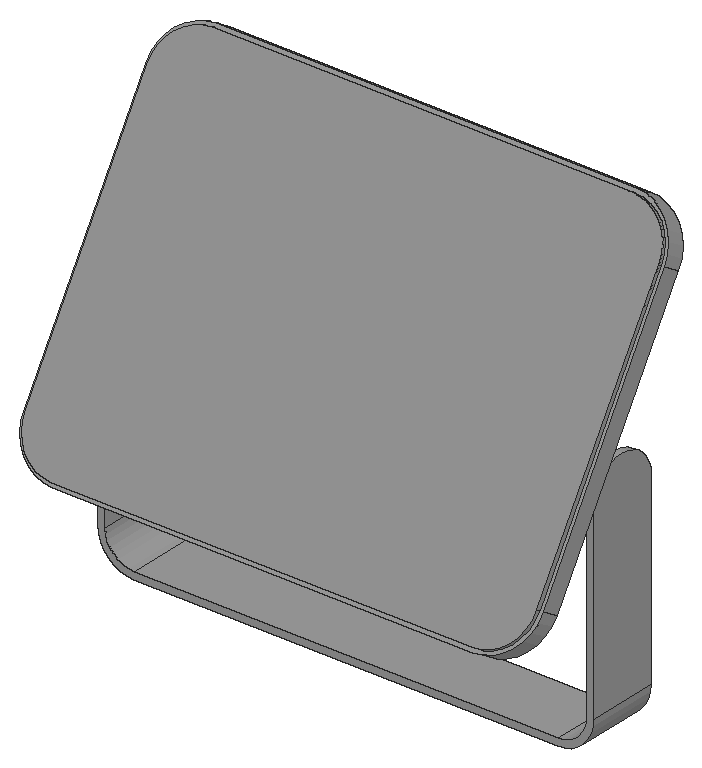
Revit family "0047961 Sylvania Lighting Fixture START eco Flood Flat IP65 900lm 840", category Lighting Fixtures, host Face, Revit 2016
Family settings
  Host = Face
  Part Type = Normal
  Round Connector Dimension = Use Diameter
  OmniClass Number = 23.80.70.00
  OmniClass Title = Lighting
  Cut with Voids When Loaded = No
  Light Source = No
  Shared = No
  Room Calculation Point = No
Parameters (values of type "0047961 ST E FLD FLT IP65 900LM 840")
  WidthBracketIn_SYL = if([10W_SYL], 102.2 mm, if([30W_SYL], 143.3 mm, if([50W_SYL], 181 mm, 262.8 mm)))  # 102.2 mm
  Weight = "3.96 kg"
  Wattage Comments = ""
  WarrantyStartDate [instance] = "n/a"
  WarrantyGuarantorParts = "n/a"
  WarrantyDurationUnit = "n/a"
  WarrantyDurationParts = "n/a"
  WarrantyDescription = "n/a"
  Voltage = 0 V
  URL = "http://www.sylvania-lighting.com"
  TypeName = "START eco Flood Flat IP65 900lm 840"
  TypeLight_SYL = START eco Flood Flat Lamp : 0047961 ST E FLD FLT IP65 900LM 840
  Type Image = <None>
  Type Comments = "n/a"
  ThicknessBracket_SYL = if([10W_SYL], 1.5 mm, 2 mm)  # 1.5 mm
  SerialNumber [instance] = "n/a"
  RotationAngle_SYL [instance] = 32.00°
  RadiusBracket_SYL = if([10W_SYL], 7.7 mm, if([30W_SYL], 8 mm, if([50W_SYL], 17 mm, 14 mm)))  # 7.7 mm
  RadiusBracketIn_SYL = RadiusBracket_SYL - ThicknessBracket_SYL  # 6.2 mm
  OffsetAxis_SYL = DepthBracket_SYL / 2  # 7.5 mm
  PowerFactor = 0.85
  PowerConsumption = "10 W"
  NominalLength = 114 mm
  NominalHeight = 38 mm
  NominalDepth = 96 mm
  Name = "START eco Flood Flat IP65 900lm 840"
  ModelReference = Name  # "START eco Flood Flat IP65 900lm 840"
  ModelNumber = "0047961"
  Model = Name  # "START eco Flood Flat IP65 900lm 840"
  Material = "adc12 housing"
  ManufacturerName = "Feilo Sylvania"
  Manufacturer = "Feilo Sylvania"
  LuminousEfficacy = "95 lm/W"
  LuminaireType = ""
  LightOutputRatio = "n/a"
  LampsType = Lamp  # "LED"
  LampNominalLuminous = "950 lm"
  LampMacAdamStep = "n/a"
  LampColourTemperature = "4000 K"
  LampColourRenderingIndex = "80"
  Lamp = "LED"
  Keynote = "16500"
  InstallationDate [instance] = "n/a"
  InputVoltage = "n/a"
  InputNominalFrequency = "n/a"
  IngressProtection = "IP65"
  ImpactProtectionIndex = "IK06"
  IfcExportType = "IfcLightFixtureType"
  IfcExportAs = "IfcLightFixtureType"
  HeightBracket_SYL = if([10W_SYL], 55 mm, if([30W_SYL], 70 mm, if([50W_SYL], 110 mm, 141 mm)))  # 55 mm
  ExpectedLife = 30000
  EndAngle_SYL [instance] = RotationAngle_SYL + 180.00°  # 212.00°
  ElectricShockClassification = "Class I"
  DurationUnit = "hours"
  DocumentationLiterature = "http://www.sylvania-lighting.com/product/en-int/products/0047961"
  DimmingControlOptions = "n/a"
  Description = "The new Start eco Flood Flat comes with improved design. The streamlined, durable, lightweight die-cast aluminium body makes it a perfect choice for building facades, car parks, garages and construction areas. The product includes 1 m pre-wired stripped cable and fitting bracket for quick and easy installation and the universal mounting bracket allows wall or surface mounting with the possibility of vertical tilting. Black die-cast aluminum housing, white reflector, 950 lm, 10 W, 95 lm/W, 4000K, drive current 38.6 mA, non dimmable, CRI>80, IP65, IK06, Class I, lumen maintenance L70:B50: 30000 hrs, 114 x 96 x 38 mm (L x W x H). Weight: 0.33kg. Energy class: A++ A+ A."
  DepthBracket_SYL = if([10W_SYL], 15 mm, if([30W_SYL], 15 mm, if([50W_SYL], 17 mm, 25 mm)))  # 15 mm
  Default Elevation = 1219.2 mm
  CreatedOn = "10/8/2018"
  CreatedBy = "@sylvania-lighting.com"
  Cost = 0
  built-in parameter 1114216 [instance] = (empty or 0)
  ClassificationValue = "EF_70_80"
  ClassificationName = "Uniclass2015"
  Material_1_SYL = Body-Sylvania-FloodFlat-Black
  BarCode [instance] = "n/a"
  AssetType = "Fixed"
  AssetIdentifier [instance] = "n/a"
  Assembly Code = "D5020200"
  Apparent Load = 10 VA
  50W_SYL = no
  30W_SYL = no
  10W_SYL = yes
Reference planes
  plane 1 "Center (Front/Back)": y = 0
  plane 2: z = 0
  plane 3 "Center (Left/Right)": x = 0
  plane 4: x = -52.6
  plane 5: x = 52.6
  plane 6: z = 55
  plane 7: z = 47.5
  plane 8: x = -51.1
  plane 9: x = 51.1
  plane 10: z = 1.5
  plane 11: y = 7.5
  plane 12: y = -7.5
  plane 13: x = -44.9
  plane 14: z = 7.7
  plane 15: x = 44.9
  plane 16: y = -9.5
  plane 17: z = 57
  plane 18: y = 9.5
Forms (mm)
  Extrusion 1, solid, material "Body-Sylvania-FloodFlat-Black" <- "Material_1_SYL"
    sketch origin (0, 0, 0) x (1, 0, 0) y (0, 0, 1)
      loop
        line (-51.1, 55) -> (-52.6, 55) -> (-52.6, 7.7)
        arc (-52.6, 7.7) -> (-50.345, 2.255) -> (-44.9, 0) r 7.7
        line (-44.9, 0) -> (44.9, 0)
        arc (44.9, 0) -> (50.345, 2.255) -> (52.6, 7.7) r 7.7
        line (52.6, 7.7) -> (52.6, 55) -> (51.1, 55) -> (51.1, 7.7)
        arc (51.1, 7.7) -> (49.284, 3.316) -> (44.9, 1.5) r 6.2
        line (44.9, 1.5) -> (-44.9, 1.5)
        arc (-44.9, 1.5) -> (-49.284, 3.316) -> (-51.1, 7.7) r 6.2
        line (-51.1, 7.7) -> (-51.1, 55)
    from -7.5 to 7.5
  Extrusion 2, void
    sketch origin (0, 0, 0) x (0, 1, 0) y (0, 0, 1)
      loop
        line (7.5, 47.5) -> (9.5, 47.5) -> (9.5, 57) -> (-9.5, 57) -> (-9.5, 47.5) -> (-7.5, 47.5)
        arc (-7.5, 47.5) -> (0, 55) -> (7.5, 47.5) r 7.5
    from -52.6 to 52.6
  Revolve 3, solid, not visible
    sketch origin (0, 0, 0) x (1, 0, 0) y (0, 0, 1)
      loop
        line (0, 47.5) -> (0, 55) -> (-12.336, 55) -> (-12.336, 47.5) -> (0, 47.5)
      axis (0, 47.5) -> (-12.336, 47.5)
    angle from 32 <- "RotationAngle_SYL" to 212 <- "EndAngle_SYL"
Cuts and joins
  Extrusion 2 cuts Extrusion 1
Dimensions and locks
  equal spacing: plane 9, plane 3 "Center (Left/Right)", plane 8
  "WidthBracketIn_SYL": plane 9 to plane 8
  "ThicknessBracket_SYL": plane 8 to plane 4
  "ThicknessBracket_SYL": plane 5 to plane 9
  "ThicknessBracket_SYL": plane 10 to plane 2
  equal spacing: plane 12, plane 1 "Center (Front/Back)", plane 11
  "DepthBracket_SYL": plane 12 to plane 11
  "OffsetAxis_SYL": plane 7 to plane 6
  "HeightBracket_SYL": plane 6 to plane 2
  "RadiusBracket_SYL": plane 14 to plane 2
  equal spacing: plane 15, plane 3 "Center (Left/Right)", plane 13
  "RadiusBracket_SYL": plane 13 to plane 4
  equal spacing: plane 16, plane 1 "Center (Front/Back)", plane 18
  locked: plane 16 to plane 12 at 2
  locked: plane 6 to plane 17 at 2
  "RadiusBracket_SYL": radius of Extrusion 1 sketch curve  (x2)
  "RadiusBracketIn_SYL": radius of Extrusion 1 sketch curve  (x2)
  aligned and locked: plane 2 to host face
  aligned and locked: level to host face
  aligned and locked: Extrusion 1 sketch curve to plane 6  (x2)
  aligned and locked: Extrusion 1 sketch curve to plane 4
  aligned and locked: plane 5 to Extrusion 1 sketch curve
  aligned and locked: Extrusion 1 sketch curve to plane 9
  aligned and locked: Extrusion 1 sketch curve to plane 2
  aligned and locked: plane 13 to Extrusion 1 sketch curve
  aligned and locked: plane 14 to Extrusion 1 sketch curve  (x2)
  aligned and locked: plane 15 to Extrusion 1 sketch curve
  aligned and locked: Extrusion 1 to plane 11
  aligned and locked: plane 12 to Extrusion 1
  aligned and locked: plane 11 to Extrusion 2 sketch curve
  aligned and locked: plane 1 "Center (Front/Back)" to Extrusion 2 sketch curve
  aligned and locked: plane 7 to Extrusion 2 sketch curve
  aligned and locked: plane 17 to Extrusion 2 sketch curve
  aligned and locked: plane 18 to Extrusion 2 sketch curve
  aligned and locked: Extrusion 2 sketch curve to plane 16
  aligned and locked: Extrusion 2 sketch curve to plane 7  (x2)
  aligned and locked: plane 5 to Extrusion 2
  aligned and locked: Extrusion 2 to plane 4
  aligned and locked: Revolve 3 sketch curve to plane 7  (x2)
  aligned and locked: Revolve 3 sketch curve to plane 3 "Center (Left/Right)"
  aligned and locked: plane 6 to Revolve 3 sketch curve
  aligned and locked: plane 3 "Center (Left/Right)" to nested 1
Automatic sketch dimensions
  host sketch curve to host sketch curve = 2438.4 mm  (x2)
  Revolve 3 sketch curve to plane 3 "Center (Left/Right)" = 12.336 mm
  Revolve 3 sketch curve to plane 4 = 1122.5 mm
  plane 5 to Revolve 3 sketch curve = 1130.9 mm
Nested families
  nested 1: "START eco Flood Flat Lamp" at (0, 4.239, 54.284) x (1, 0, 0) z (0, -0.848, 0.5299), type <- "TypeLight_SYL", type "0047961 ST E FLD FLT IP65 900LM 840"
    with built-in parameter 1114216 (empty or 0)
Connectors
  electrical at (0, 0, 0), driven by "Apparent Load", driven by "PowerFactor", driven by "Voltage"
    settings: index 1, voltage 0 V, apparent load 10 VA, apparent load phase1 0 VA, apparent load phase2 0 VA, apparent load phase3 0 VA, power factor 0.85, load classification "Lighting", number of poles 1, system type 30, power factor state 1, is connector primary yes, connector utility no, sub classification motor no, connector description ""
Definition of nested family "START eco Flood Flat Lamp"
  Parameters (values of type "0047977 ST E FLD FLT IP65 9000LM 840")
    Width_SYL = if([10W_SYL], 110 mm, if([30W_SYL], 151 mm, if([50W_SYL], 189 mm, 275 mm)))  # 275 mm
    WidthLEDBoard_SYL = if([10W_SYL], 40 mm, if([30W_SYL], 83 mm, if([50W_SYL], 80 mm, 180 mm)))  # 180 mm
    WidthVignette_SYL = if([10W_SYL], 78.6 mm, if([30W_SYL], 120 mm, if([50W_SYL], 157 mm, 226 mm)))  # 226 mm
    WidthBoltHousing_SYL = 4 * OffsetBoltHousing_SYL  # 24.5 mm
    Wattage Comments = "n/a"
    Wattage = 100 W
    built-in parameter 1150110 = 1 (stored number, unit not read)
    URL = "http://www.sylvania-lighting.com"
    Type Image = (empty or 0)
    Type Comments = "n/a"
    built-in parameter 1114217 = 1 (stored number, unit not read)
    Tilt Angle = -90.00°
    ThicknessScreen_SYL = if([10W_SYL], 5 mm, if([30W_SYL], 5.2 mm, if([50W_SYL], 5.4 mm, 6.1 mm)))  # 6.1 mm
    ThicknessDiffuser_SYL = 0.8 mm  # constant formula
    built-in parameter 1150109 = 1 (stored number, unit not read)
    built-in parameter 1150134 = 12
    built-in parameter 1150113 = 1 (stored number, unit not read)
    RotationAxisFromTop_SYL = if([10W_SYL], 48.8 mm, if([30W_SYL], 61.7 mm, if([50W_SYL], 91.3 mm, 133.4 mm)))  # 133.4 mm
    RadiusLEDBoard_SYL = if([10W_SYL], 1.5 mm, if([30W_SYL], 2 mm, if([50W_SYL], 1.9 mm, 3.7 mm)))  # 3.7 mm
    RadiusDiffuser_SYL = RadiusCorners_SYL - ThicknessDiffuser_SYL  # 13.4 mm
    RadiusCorners_SYL = if([10W_SYL], 10.5 mm, if([30W_SYL], 10.7 mm, if([50W_SYL], 10.7 mm, 14.2 mm)))  # 14.2 mm
    RadiusBoltHousing_SYL = if([10W_SYL], 4.1 mm, if([30W_SYL], 4.9 mm, if([50W_SYL], 5 mm, 8.1 mm)))  # 8.1 mm
    RadiusBack_SYL = RadiusCorners_SYL - OffsetXBack_SYL / 3  # 10.117 mm
    RadiusBackB_SYL = RadiusBack_SYL - OffsetXBackB_SYL  # 7.054 mm
    Photometric Web File = "0047977.ies"
    PIR_SYL = no
    PIRHolderRadius_SYL = PIRBaseFillet_SYL + 2 mm  # 11 mm
    PIRFillet_SYL = 3 mm  # constant formula
    PIRBaseWidth_SYL = 38 mm
    PIRBaseFillet_SYL = PIRBaseDepth_SYL / 2  # 9 mm
    PIRBaseDepth_SYL = 18 mm
    OffsetYBack_SYL = (Height_SYL - HeightVignette_SYL) / 4  # 11 mm
    OffsetYBackB_SYL = OffsetYBack_SYL / 4  # 2.75 mm
    OffsetXBack_SYL = (Width_SYL - WidthVignette_SYL) / 4  # 12.25 mm
    OffsetXBackB_SYL = OffsetXBack_SYL / 4  # 3.063 mm
    OffsetBoltHousing_SYL = OffsetXBack_SYL / 2  # 6.125 mm
    Material_7_SYL = none
    Material_6_SYL = none
    Material_5_SYL = none
    Material_3_SYL = none
    Model = "START eco Flood Flat IP65 9000lm 840"
    Manufacturer = "Feilo Sylvania"
    built-in parameter 1150105 = 3437 (stored number, unit not read)
    Lumens = 9500 lm
    built-in parameter 1150115 = 1 (stored number, unit not read)
    built-in parameter 1150137 = (empty or 0)
    built-in parameter 1150139 = (empty or 0)
    built-in parameter 1150112 = 1 (stored number, unit not read)
    built-in parameter 1150114 = 1 (stored number, unit not read)
    Lamp = "LED"
    Keynote = "16500"
    Material_2_SYL = none
    InsertionPlaneFromTop_SYL = if([10W_SYL], 15.1 mm, if([30W_SYL], 14.5 mm, if([50W_SYL], 14.8 mm, 19.3 mm)))  # 19.3 mm
    built-in parameter 1150132 = (empty or 0)
    built-in parameter 1150102 = (empty or 0)
    built-in parameter 1150107 = 4000 (stored number, unit not read)
    built-in parameter 1150138 = (empty or 0)
    built-in parameter 1150106 = 34.37 (stored number, unit not read)
    Height_SYL = if([10W_SYL], 81.6 mm, if([30W_SYL], 112 mm, if([50W_SYL], 140.5 mm, 211 mm)))  # 211 mm
    HeightVignette_SYL = if([10W_SYL], 50 mm, if([30W_SYL], 81 mm, if([50W_SYL], 110 mm, 167 mm)))  # 167 mm
    HeightLEDBoard_SYL = if([10W_SYL], 25 mm, if([30W_SYL], 39 mm, if([50W_SYL], 56 mm, 132 mm)))  # 132 mm
    Emit from Rectangle Width = HeightVignette_SYL - 2 * RadiusVignette_SYL  # 146.2 mm
    Emit from Rectangle Length = WidthVignette_SYL - 2 * RadiusVignette_SYL  # 205.2 mm
    Emit Shape Visible in Rendering = no
    built-in parameter 1150104 = 8.8258 (stored number, unit not read)
    Dimming Lamp Color Temperature Shift = (empty or 0)
    DepthLEDBoard_SYL = (ThicknessScreen_SYL + DepthBack_SYL) / 9  # 2.289 mm
    DepthBack_SYL = if([10W_SYL], 10.2 mm, if([30W_SYL], 14.7 mm, if([50W_SYL], 16.9 mm, 14.5 mm)))  # 14.5 mm
    RadiusVignette_SYL = if([10W_SYL], 4.1 mm, if([30W_SYL], 4.1 mm, if([50W_SYL], 4.1 mm, 10.4 mm)))  # 10.4 mm
    Description = "The new Start eco Flood Flat comes with improved design. The streamlined, durable, lightweight die-cast aluminium body makes it a perfect choice for building facades, car parks, garages and construction areas. The product includes 1 m pre-wired stripped cable and fitting bracket for quick and easy installation and the universal mounting bracket allows wall or surface mounting with the possibility of vertical tilting. Black die-cast aluminum housing, white reflector, 9500 lm, 100 W, 95 lm/W, 4000K, drive current 386 mA, non dimmable, CRI>80, IP65, IK07, Class I, lumen maintenance L70:B50: 30000 hrs, 283 x 263 x 44 mm (L x W x H). Weight: 1.775kg. Energy class: A++ A+ A."
    DepthReflector_SYL = (ThicknessScreen_SYL + DepthBack_SYL) / 2  # 10.3 mm
    Default Elevation = 1219.2 mm
    Cost = 0
    Color Filter = 16777215
    built-in parameter 1114216 [instance] = (empty or 0)
    Material_1_SYL = none
    built-in parameter 1114218 = 1 (stored number, unit not read)
    built-in parameter 1150133 = 10 (stored number, unit not read)
    Assembly Code = "D5020200"
    Apparent Load = 100 VA
    Material_4_SYL = none
    50W_SYL = no
    30W_SYL = no
    10W_SYL = no
  Types (16, lengths in mm): name | Width_SYL | WidthLEDBoard_SYL | WidthVignette_SYL | WidthBoltHousing_SYL | Wattage | ThicknessScreen_SYL | built-in parameter 1150134 | RotationAxisFromTop_SYL | RadiusLEDBoard_SYL | RadiusDiffuser_SYL | RadiusCorners_SYL | RadiusBoltHousing_SYL | RadiusBack_SYL | RadiusBackB_SYL | Photometric Web File | PIR_SYL | OffsetYBack_SYL | OffsetYBackB_SYL | OffsetXBack_SYL | OffsetXBackB_SYL | OffsetBoltHousing_SYL | Model | built-in parameter 1150105 | Lumens | InsertionPlaneFromTop_SYL | built-in parameter 1150107 | built-in parameter 1150106 | Height_SYL | HeightVignette_SYL | HeightLEDBoard_SYL | Emit from Rectangle Width | Emit from Rectangle Length | built-in parameter 1150104 | DepthLEDBoard_SYL | DepthBack_SYL | RadiusVignette_SYL | Description | DepthReflector_SYL | Apparent Load | 50W_SYL | 30W_SYL | 10W_SYL
    0047977 ST E FLD FLT IP65 9000LM 840 | 275 | 180 | 226 | 24.5 | 100 W | 6.1 | 12 | 133.4 | 3.7 | 13.4 | 14.2 | 8.1 | 10.117 | 7.054 | "0047977.ies" | no | 11 | 2.75 | 12.25 | 3.063 | 6.125 | "START eco Flood Flat IP65 9000lm 840" | 3437 (stored number, unit not read) | 9500 lm | 19.3 | 4000 (stored number, unit not read) | 34.37 (stored number, unit not read) | 211 | 167 | 132 | 146.2 | 205.2 | 8.8258 (stored number, unit not read) | 2.289 | 14.5 | 10.4 | "The new Start eco Flood Flat comes with improved design. The streamlined, durable, lightweight die-cast aluminium body makes it a perfect choice for building facades, car parks, garages and construction areas. The product includes 1 m pre-wired stripped cable and fitting bracket for quick and easy installation and the universal mounting bracket allows wall or surface mounting with the possibility of vertical tilting. Black die-cast aluminum housing, white reflector, 9500 lm, 100 W, 95 lm/W, 4000K, drive current 386 mA, non dimmable, CRI>80, IP65, IK07, Class I, lumen maintenance L70:B50: 30000 hrs, 283 x 263 x 44 mm (L x W x H). Weight: 1.775kg. Energy class: A++ A+ A." | 10.3 | 100 VA | no | no | no
    0047976 ST E FLD FLT IP65 9000LM 830 | 275 | 180 | 226 | 24.5 | 100 W | 6.1 | (empty or 0) | 133.4 | 3.7 | 13.4 | 14.2 | 8.1 | 10.117 | 7.054 | "0047976.ies" | no | 11 | 2.75 | 12.25 | 3.063 | 6.125 | "START eco Flood Flat IP65 9000lm 830" | 3256.1 (stored number, unit not read) | 9000 lm | 19.3 | 3000 (stored number, unit not read) | 32.561 (stored number, unit not read) | 211 | 167 | 132 | 146.2 | 205.2 | 8.3613 (stored number, unit not read) | 2.289 | 14.5 | 10.4 | "The new Start eco Flood Flat comes with improved design. The streamlined, durable, lightweight die-cast aluminium body makes it a perfect choice for building facades, car parks, garages and construction areas. The product includes 1 m pre-wired stripped cable and fitting bracket for quick and easy installation and the universal mounting bracket allows wall or surface mounting with the possibility of vertical tilting. Black die-cast aluminum housing, white reflector, 9000 lm, 100 W, 90 lm/W, 3000K, drive current 386 mA, non dimmable, CRI>80, IP65, IK07, Class I, lumen maintenance L70:B50: 30000 hrs, 283 x 263 x 44 mm (L x W x H). Weight: 1.775kg. Energy class: A++ A+ A." | 10.3 | 100 VA | no | no | no
    0047973 ST E FLD FLT IP65 6500LM 840 | 275 | 180 | 226 | 24.5 | 70 W | 6.1 | 12 | 133.4 | 3.7 | 13.4 | 14.2 | 8.1 | 10.117 | 7.054 | "0047973.ies" | no | 11 | 2.75 | 12.25 | 3.063 | 6.125 | "START eco Flood Flat IP65 6500lm 840" | 2460.1 (stored number, unit not read) | 6650 lm | 19.3 | 4000 (stored number, unit not read) | 24.601 (stored number, unit not read) | 211 | 167 | 132 | 146.2 | 205.2 | 8.8258 (stored number, unit not read) | 2.289 | 14.5 | 10.4 | "The new Start eco Flood Flat comes with improved design. The streamlined, durable, lightweight die-cast aluminium body makes it a perfect choice for building facades, car parks, garages and construction areas. The product includes 1 m pre-wired stripped cable and fitting bracket for quick and easy installation and the universal mounting bracket allows wall or surface mounting with the possibility of vertical tilting. Black die-cast aluminum housing, white reflector, 6650 lm, 70 W, 95 lm/W, 4000K, drive current 270 mA, non dimmable, CRI>80, IP65, IK07, Class I, lumen maintenance L70:B50: 30000 hrs, 283 x 263 x 44 mm (L x W x H). Weight: 1.775kg. Energy class: A++ A+ A." | 10.3 | 70 VA | no | no | no
    0047972 ST E FLD FLT IP65 6500LM 830 | 275 | 180 | 226 | 24.5 | 70 W | 6.1 | (empty or 0) | 133.4 | 3.7 | 13.4 | 14.2 | 8.1 | 10.117 | 7.054 | "0047972.ies" | no | 11 | 2.75 | 12.25 | 3.063 | 6.125 | "START eco Flood Flat IP65 6500lm 830" | 2330.6 (stored number, unit not read) | 6300 lm | 19.3 | 3000 (stored number, unit not read) | 23.306 (stored number, unit not read) | 211 | 167 | 132 | 146.2 | 205.2 | 8.3613 (stored number, unit not read) | 2.289 | 14.5 | 10.4 | "The new Start eco Flood Flat comes with improved design. The streamlined, durable, lightweight die-cast aluminium body makes it a perfect choice for building facades, car parks, garages and construction areas. The product includes 1 m pre-wired stripped cable and fitting bracket for quick and easy installation and the universal mounting bracket allows wall or surface mounting with the possibility of vertical tilting. Black die-cast aluminum housing, white reflector, 6300 lm, 70 W, 90 lm/W, 3000K, drive current 270 mA, non dimmable, CRI>80, IP65, IK07, Class I, lumen maintenance L70:B50: 30000 hrs, 283 x 263 x 44 mm (L x W x H). Weight: 1.775kg. Energy class: A++ A+ A." | 10.3 | 70 VA | no | no | no
    0047971 ST E FLD FLT IP54 PIR 4500LM 840 | 189 | 80 | 157 | 16 | 51 W | 5.4 | 12 | 91.3 | 1.9 | 9.9 | 10.7 | 5 | 8.033 | 6.033 | "0047971.ies" | yes | 7.625 | 1.906 | 8 | 2 | 4 | "START eco Flood Flat IP54 PIR 4500lm 840" | 1695.8 (stored number, unit not read) | 4743 lm | 14.8 | 4000 (stored number, unit not read) | 16.958 (stored number, unit not read) | 140.5 | 110 | 56 | 101.8 | 148.8 | 8.64 (stored number, unit not read) | 2.478 | 16.9 | 4.1 | "The new Start eco Flood Flat comes with improved design. The streamlined, durable, lightweight die-cast aluminium body makes it a perfect choice for building facades, car parks, garages and construction areas. The product includes 1 m pre-wired stripped cable and fitting bracket for quick and easy installation and the universal mounting bracket allows wall or surface mounting with the possibility of vertical tilting. Black die-cast aluminum housing, white reflector, 4750 lm, 51 W, 93 lm/W, 4000K, drive current 193 mA, non dimmable, CRI>80, IP54, IK07 - fixture, IK05 - sensor, Class I, lumen maintenance L70:B50: 30000 hrs, 193 x 216 x 70 mm (L x W x H). Weight: 0.85kg.  PIR sensor included. Energy class: A++ A+ A." | 11.15 | 51 VA | yes | no | no
    0047970 ST E FLD FLT IP54 PIR 4500LM 830 | 189 | 80 | 157 | 16 | 51 W | 5.4 | (empty or 0) | 91.3 | 1.9 | 9.9 | 10.7 | 5 | 8.033 | 6.033 | "0047970.ies" | yes | 7.625 | 1.906 | 8 | 2 | 4 | "START eco Flood Flat IP54 PIR 4500lm 830" | 1604.6 (stored number, unit not read) | 4488 lm | 14.8 | 3000 (stored number, unit not read) | 16.046 (stored number, unit not read) | 140.5 | 110 | 56 | 101.8 | 148.8 | 8.1755 (stored number, unit not read) | 2.478 | 16.9 | 4.1 | "The new Start eco Flood Flat comes with improved design. The streamlined, durable, lightweight die-cast aluminium body makes it a perfect choice for building facades, car parks, garages and construction areas. The product includes 1 m pre-wired stripped cable and fitting bracket for quick and easy installation and the universal mounting bracket allows wall or surface mounting with the possibility of vertical tilting. Black die-cast aluminum housing, white reflector, 4500 lm, 51 W, 88 lm/W, 3000K, drive current 193 mA, non dimmable, CRI>80, IP54, IK07 - fixture, IK05 - sensor, Class I, lumen maintenance L70:B50: 30000 hrs, 193 x 216 x 70 mm (L x W x H). Weight: 0.85kg.  PIR sensor included. Energy class: A++ A+ A." | 11.15 | 51 VA | yes | no | no
    0047969 ST E FLD FLT IP65 4500LM 840 | 189 | 80 | 157 | 16 | 50 W | 5.4 | 12 | 91.3 | 1.9 | 9.9 | 10.7 | 5 | 8.033 | 6.033 | "0047969.ies" | no | 7.625 | 1.906 | 8 | 2 | 4 | "START eco Flood Flat IP65 4500lm 840" | 1698.3 (stored number, unit not read) | 4750 lm | 14.8 | 4000 (stored number, unit not read) | 16.983 (stored number, unit not read) | 140.5 | 110 | 56 | 101.8 | 148.8 | 8.8258 (stored number, unit not read) | 2.478 | 16.9 | 4.1 | "The new Start eco Flood Flat comes with improved design. The streamlined, durable, lightweight die-cast aluminium body makes it a perfect choice for building facades, car parks, garages and construction areas. The product includes 1 m pre-wired stripped cable and fitting bracket for quick and easy installation and the universal mounting bracket allows wall or surface mounting with the possibility of vertical tilting. Black die-cast aluminum housing, white reflector, 4750 lm, 50 W, 95 lm/W, 4000K, drive current 193 mA, non dimmable, CRI>80, IP65, IK07, Class I, lumen maintenance L70:B50: 30000 hrs, 193 x 190 x 48 mm (L x W x H). Weight: 0.785kg. Energy class: A++ A+ A." | 11.15 | 50 VA | yes | no | no
    0047968 ST E FLD FLT IP65 4500LM 830 | 189 | 80 | 157 | 16 | 50 W | 5.4 | (empty or 0) | 91.3 | 1.9 | 9.9 | 10.7 | 5 | 8.033 | 6.033 | "0047968.ies" | no | 7.625 | 1.906 | 8 | 2 | 4 | "START eco Flood Flat IP65 4500lm 830" | 1608.9 (stored number, unit not read) | 4500 lm | 14.8 | 3000 (stored number, unit not read) | 16.089 (stored number, unit not read) | 140.5 | 110 | 56 | 101.8 | 148.8 | 8.3613 (stored number, unit not read) | 2.478 | 16.9 | 4.1 | "The new Start eco Flood Flat comes with improved design. The streamlined, durable, lightweight die-cast aluminium body makes it a perfect choice for building facades, car parks, garages and construction areas. The product includes 1 m pre-wired stripped cable and fitting bracket for quick and easy installation and the universal mounting bracket allows wall or surface mounting with the possibility of vertical tilting. Black die-cast aluminum housing, white reflector, 4500 lm, 50 W, 90 lm/W, 3000K, drive current 193 mA, non dimmable, CRI>80, IP65, IK07, Class I, lumen maintenance L70:B50: 30000 hrs, 193 x 190 x 48 mm (L x W x H). Weight: 0.785kg. Energy class: A++ A+ A." | 11.15 | 50 VA | yes | no | no
    0047967 ST E FLD FLT IP54 PIR 2800LM 840 | 151 | 83 | 120 | 15.5 | 31 W | 5.2 | 12 | 61.7 | 2 | 9.9 | 10.7 | 4.9 | 8.117 | 6.179 | "0047967.ies" | yes | 7.75 | 1.938 | 7.75 | 1.938 | 3.875 | "START eco Flood Flat IP54 PIR 2800lm 840" | 1045.5 (stored number, unit not read) | 2852 lm | 14.5 | 4000 (stored number, unit not read) | 10.455 (stored number, unit not read) | 112 | 81 | 39 | 72.8 | 111.8 | 8.5471 (stored number, unit not read) | 2.211 | 14.7 | 4.1 | "The new Start eco Flood Flat comes with improved design. The streamlined, durable, lightweight die-cast aluminium body makes it a perfect choice for building facades, car parks, garages and construction areas. The product includes 1 m pre-wired stripped cable and fitting bracket for quick and easy installation and the universal mounting bracket allows wall or surface mounting with the possibility of vertical tilting. Black die-cast aluminum housing, white reflector, 2850 lm, 31 W, 92 lm/W, 4000K, drive current 116 mA, non dimmable, CRI>80, IP54, IK06 - fixture, IK05 - sensor, Class I, lumen maintenance L70:B50: 30000 hrs, 156 x 178 x 67 mm (L x W x H). Weight: 0.61kg.  PIR sensor included. Energy class: A++ A+ A." | 9.95 | 31 VA | no | yes | no
    0047966 ST E FLD FLT IP54 PIR 2800LM 830 | 151 | 83 | 120 | 15.5 | 31 W | 5.2 | (empty or 0) | 61.7 | 2 | 9.9 | 10.7 | 4.9 | 8.117 | 6.179 | "0047966.ies" | yes | 7.75 | 1.938 | 7.75 | 1.938 | 3.875 | "START eco Flood Flat IP54 PIR 2800lm 830" | 988.72 (stored number, unit not read) | 2697 lm | 14.5 | 3000 (stored number, unit not read) | 9.8872 (stored number, unit not read) | 112 | 81 | 39 | 72.8 | 111.8 | 8.0826 (stored number, unit not read) | 2.211 | 14.7 | 4.1 | "The new Start eco Flood Flat comes with improved design. The streamlined, durable, lightweight die-cast aluminium body makes it a perfect choice for building facades, car parks, garages and construction areas. The product includes 1 m pre-wired stripped cable and fitting bracket for quick and easy installation and the universal mounting bracket allows wall or surface mounting with the possibility of vertical tilting. Black die-cast aluminum housing, white reflector, 2700 lm, 31 W, 87 lm/W, 3000K, drive current 116 mA, non dimmable, CRI>80, IP54, IK06 - fixture, IK05 - sensor, Class I, lumen maintenance L70:B50: 30000 hrs, 156 x 178 x 67 mm (L x W x H). Weight: 0.61kg.  PIR sensor included. Energy class: A++ A+ A." | 9.95 | 31 VA | no | yes | no
    0047965 ST E FLD FLT IP65 2800LM 840 | 151 | 83 | 120 | 15.5 | 30 W | 5.2 | 12 | 61.7 | 2 | 9.9 | 10.7 | 4.9 | 8.117 | 6.179 | "0047965.ies" | no | 7.75 | 1.938 | 7.75 | 1.938 | 3.875 | "START eco Flood Flat IP65 2800lm 840" | 1044.8 (stored number, unit not read) | 2850 lm | 14.5 | 4000 (stored number, unit not read) | 10.448 (stored number, unit not read) | 112 | 81 | 39 | 72.8 | 111.8 | 8.8258 (stored number, unit not read) | 2.211 | 14.7 | 4.1 | "The new Start eco Flood Flat comes with improved design. The streamlined, durable, lightweight die-cast aluminium body makes it a perfect choice for building facades, car parks, garages and construction areas. The product includes 1 m pre-wired stripped cable and fitting bracket for quick and easy installation and the universal mounting bracket allows wall or surface mounting with the possibility of vertical tilting. Black die-cast aluminum housing, white reflector, 2850 lm, 30 W, 95 lm/W, 4000K, drive current 116 mA, non dimmable, CRI>80, IP65, IK06, Class I, lumen maintenance L70:B50: 30000 hrs, 156 x 126 x 38 mm (L x W x H). Weight: 0.545kg. Energy class: A++ A+ A." | 9.95 | 30 VA | no | yes | no
    0047964 ST E FLD FLT IP65 2800LM 830 | 151 | 83 | 120 | 15.5 | 30 W | 5.2 | (empty or 0) | 61.7 | 2 | 9.9 | 10.7 | 4.9 | 8.117 | 6.179 | "0047964.ies" | no | 7.75 | 1.938 | 7.75 | 1.938 | 3.875 | "START eco Flood Flat IP65 2800lm 830" | 989.82 (stored number, unit not read) | 2700 lm | 14.5 | 3000 (stored number, unit not read) | 9.8982 (stored number, unit not read) | 112 | 81 | 39 | 72.8 | 111.8 | 8.3613 (stored number, unit not read) | 2.211 | 14.7 | 4.1 | "The new Start eco Flood Flat comes with improved design. The streamlined, durable, lightweight die-cast aluminium body makes it a perfect choice for building facades, car parks, garages and construction areas. The product includes 1 m pre-wired stripped cable and fitting bracket for quick and easy installation and the universal mounting bracket allows wall or surface mounting with the possibility of vertical tilting. Black die-cast aluminum housing, white reflector, 2700 lm, 30 W, 90 lm/W, 3000K, drive current 116 mA, non dimmable, CRI>80, IP65, IK06, Class I, lumen maintenance L70:B50: 30000 hrs, 156 x 126 x 38 mm (L x W x H). Weight: 0.545kg. Energy class: A++ A+ A." | 9.95 | 30 VA | no | yes | no
    0047963 ST E FLD FLT IP54 PIR 900LM 840 | 110 | 40 | 78.6 | 15.7 | 11 W | 5 | 12 | 48.8 | 1.5 | 9.7 | 10.5 | 4.1 | 7.883 | 5.921 | "0047963.ies" | yes | 7.9 | 1.975 | 7.85 | 1.963 | 3.925 | "START eco Flood Flat IP54 PIR 900lm 840" | 365.78 (stored number, unit not read) | 946 lm | 15.1 | 4000 (stored number, unit not read) | 3.6578 (stored number, unit not read) | 81.6 | 50 | 25 | 41.8 | 70.4 | 7.9897 (stored number, unit not read) | 1.689 | 10.2 | 4.1 | "The new Start eco Flood Flat comes with improved design. The streamlined, durable, lightweight die-cast aluminium body makes it a perfect choice for building facades, car parks, garages and construction areas. The product includes 1 m pre-wired stripped cable and fitting bracket for quick and easy installation and the universal mounting bracket allows wall or surface mounting with the possibility of vertical tilting. Black die-cast aluminum housing, white reflector, 950 lm, 11 W, 86 lm/W, 4000K, drive current 38.6 mA, non dimmable, CRI>80, IP54, IK06 - fixture, IK05 - sensor, Class I, lumen maintenance L70:B50: 30000 hrs, 156 x 178 x 67 mm (L x W x H). Weight: 0.61kg.  PIR sensor included. Energy class: A++ A+ A." | 7.6 | 11 VA | no | no | yes
    0047962 ST E FLD FLT IP54 PIR 900LM 830 | 110 | 40 | 78.6 | 15.7 | 11 W | 5 | (empty or 0) | 48.8 | 1.5 | 9.7 | 10.5 | 4.1 | 7.883 | 5.921 | "0047962.ies" | yes | 7.9 | 1.975 | 7.85 | 1.963 | 3.925 | "START eco Flood Flat IP54 PIR 900lm 830" | 345.53 (stored number, unit not read) | 902 lm | 15.1 | 3000 (stored number, unit not read) | 3.4553 (stored number, unit not read) | 81.6 | 50 | 25 | 41.8 | 70.4 | 7.618 (stored number, unit not read) | 1.689 | 10.2 | 4.1 | "The new Start eco Flood Flat comes with improved design. The streamlined, durable, lightweight die-cast aluminium body makes it a perfect choice for building facades, car parks, garages and construction areas. The product includes 1 m pre-wired stripped cable and fitting bracket for quick and easy installation and the universal mounting bracket allows wall or surface mounting with the possibility of vertical tilting. Black die-cast aluminum housing, white reflector, 900 lm, 11 W, 82 lm/W, 3000K, drive current 38.6 mA, non dimmable, CRI>80, IP54, IK06 - fixture, IK05 - sensor, Class I, lumen maintenance L70:B50: 30000 hrs, 156 x 178 x 67 mm (L x W x H). Weight: 0.61kg.  PIR sensor included. Energy class: A++ A+ A." | 7.6 | 11 VA | no | no | yes
    0047961 ST E FLD FLT IP65 900LM 840 | 110 | 40 | 78.6 | 15.7 | 10 W | 5 | 12 | 48.8 | 1.5 | 9.7 | 10.5 | 4.1 | 7.883 | 5.921 | "0047961.ies" | no | 7.9 | 1.975 | 7.85 | 1.963 | 3.925 | "START eco Flood Flat IP65 900lm 840" | 367.33 (stored number, unit not read) | 950 lm | 15.1 | 4000 (stored number, unit not read) | 3.6733 (stored number, unit not read) | 81.6 | 50 | 25 | 41.8 | 70.4 | 8.8258 (stored number, unit not read) | 1.689 | 10.2 | 4.1 | "The new Start eco Flood Flat comes with improved design. The streamlined, durable, lightweight die-cast aluminium body makes it a perfect choice for building facades, car parks, garages and construction areas. The product includes 1 m pre-wired stripped cable and fitting bracket for quick and easy installation and the universal mounting bracket allows wall or surface mounting with the possibility of vertical tilting. Black die-cast aluminum housing, white reflector, 950 lm, 10 W, 95 lm/W, 4000K, drive current 38.6 mA, non dimmable, CRI>80, IP65, IK06, Class I, lumen maintenance L70:B50: 30000 hrs, 114 x 96 x 38 mm (L x W x H). Weight: 0.33kg. Energy class: A++ A+ A." | 7.6 | 10 VA | no | no | yes
    0047960 ST E FLD FLT IP65 900LM 830 | 110 | 40 | 78.6 | 15.7 | 10 W | 5 | (empty or 0) | 48.8 | 1.5 | 9.7 | 10.5 | 4.1 | 7.883 | 5.921 | "0047960.ies" | no | 7.9 | 1.975 | 7.85 | 1.963 | 3.925 | "START eco Flood Flat IP65 900lm 830" | 344.76 (stored number, unit not read) | 900 lm | 15.1 | 3000 (stored number, unit not read) | 3.4476 (stored number, unit not read) | 81.6 | 50 | 25 | 41.8 | 70.4 | 8.3613 (stored number, unit not read) | 1.689 | 10.2 | 4.1 | "The new Start eco Flood Flat comes with improved design. The streamlined, durable, lightweight die-cast aluminium body makes it a perfect choice for building facades, car parks, garages and construction areas. The product includes 1 m pre-wired stripped cable and fitting bracket for quick and easy installation and the universal mounting bracket allows wall or surface mounting with the possibility of vertical tilting. Black die-cast aluminum housing, white reflector, 900 lm, 10 W, 90 lm/W, 3000K, drive current 38.6 mA, non dimmable, CRI>80, IP65, IK06, Class I, lumen maintenance L70:B50: 30000 hrs, 114 x 96 x 38 mm (L x W x H). Weight: 0.33kg. Energy class: A++ A+ A." | 7.6 | 10 VA | no | no | yes
  Reference planes
    plane 1 "Center (Front/Back)": y = 0
    plane 2: z = 0
    plane 3 "Center (Left/Right)": x = 0
    plane 4: y = 105.5
    plane 5: y = -105.5
    plane 6: x = 137.5
    plane 7: x = -137.5
    plane 8: y = 83.5
    plane 9: y = -83.5
    plane 10: x = -113
    plane 11: x = 113
    plane 12: x = -123.3
    plane 13: y = 91.3
    plane 14: y = -91.3
    plane 15: x = 123.3
    plane 16: x = -102.6
    plane 17: y = 73.1
    plane 18: x = 102.6
    plane 19: y = -73.1
    plane 20: z = 19.3
    plane 21: z = 13.2
    plane 22: z = 9
    plane 23: z = -1.3
    plane 24: x = -125.25
    plane 25: y = 94.5
    plane 26: y = -94.5
    plane 27: x = 125.25
    plane 28: x = -122.187
    plane 29: x = 122.188
    plane 30: y = 91.75
    plane 31: y = -91.75
    plane 32: z = 18.5
    plane 33: x = -90
    plane 34: x = 90
    plane 35: y = 66
    plane 36: y = -66
    plane 37: z = 6.711
    plane 38: x = -136.7
    plane 39: y = 104.7
    plane 40: y = -104.7
    plane 41: x = 136.7
    plane 42: x = -131.375
    plane 43: x = 131.375
    plane 44: x = -106.875
    plane 45: x = 106.875
    plane 46 "RotationAxis": y = -27.9
    plane 47: y = -19.8
    plane 48: x = -19
    plane 49: x = 19
    plane 50: z = -10.3
    plane 51: z = 7.7
    plane 52: x = 10
    plane 53: x = -10
    plane 54: y = -155.5
    plane 55: y = -137.5
    plane 56: y = -146.5
    plane 57: x = -9
    plane 58: x = 9
    plane 59: y = -119.7
    plane 60: y = -173.3
    plane 61: x = -35.3
    plane 62: x = 35.3
    plane 63: z = 39.2
    plane 64: z = 33.7
  Forms (mm)
    Extrusion 1, solid
      sketch origin (4.2, 0, 0) x (1, 0, 0) y (0, 1, 0)
        loop
          line (-1219.2, 1219.2) -> (-1219.2, -1219.2) -> (1219.2, -1219.2) -> (1219.2, 1219.2) -> (-1219.2, 1219.2)
      from 0 to -68.017
    Extrusion 2, solid, material <- "Material_1_SYL"
      sketch origin (1223.4, -4572, 19.3) x (0, -1, 0) y (-1, 0, 0)
        loop
          line (-4677.5, 1346.7) -> (-4677.5, 1100.1)
          arc (-4677.5, 1100.1) -> (-4673.341, 1090.059) -> (-4663.3, 1085.9) r 14.2
          line (-4663.3, 1085.9) -> (-4480.7, 1085.9)
          arc (-4480.7, 1085.9) -> (-4470.659, 1090.059) -> (-4466.5, 1100.1) r 14.2
          line (-4466.5, 1100.1) -> (-4466.5, 1346.7)
          arc (-4466.5, 1346.7) -> (-4470.659, 1356.741) -> (-4480.7, 1360.9) r 14.2
          line (-4480.7, 1360.9) -> (-4663.3, 1360.9)
          arc (-4663.3, 1360.9) -> (-4673.341, 1356.741) -> (-4677.5, 1346.7) r 14.2
      from 6.1 to 0.8
    Blend 3, solid, material <- "Material_1_SYL"
      base sketch origin (1223.4, -4572, 13.2) x (0, -1, 0) y (1, 0, 0)
        loop
          arc (-4666.5, -1338.533) -> (-4663.537, -1345.687) -> (-4656.383, -1348.65) r 10.117
          line (-4656.383, -1348.65) -> (-4487.617, -1348.65)
          arc (-4487.617, -1348.65) -> (-4480.463, -1345.687) -> (-4477.5, -1338.533) r 10.117
          line (-4477.5, -1338.533) -> (-4477.5, -1108.267)
          arc (-4477.5, -1108.267) -> (-4480.463, -1101.113) -> (-4487.617, -1098.15) r 10.117
          line (-4487.617, -1098.15) -> (-4656.383, -1098.15)
          arc (-4656.383, -1098.15) -> (-4663.537, -1101.113) -> (-4666.5, -1108.267) r 10.117
          line (-4666.5, -1108.267) -> (-4666.5, -1338.533)
      top sketch origin (1223.4, -4572, 13.2) x (0, -1, 0) y (1, 0, 0)
        loop
          arc (-4663.75, -1338.533) -> (-4661.684, -1343.521) -> (-4656.696, -1345.588) r 7.054
          line (-4656.696, -1345.588) -> (-4487.304, -1345.588)
          arc (-4487.304, -1345.588) -> (-4482.316, -1343.521) -> (-4480.25, -1338.533) r 7.054
          line (-4480.25, -1338.533) -> (-4480.25, -1108.267)
          arc (-4480.25, -1108.267) -> (-4482.316, -1103.279) -> (-4487.304, -1101.213) r 7.054
          line (-4487.304, -1101.213) -> (-4656.696, -1101.213)
          arc (-4656.696, -1101.213) -> (-4661.684, -1103.279) -> (-4663.75, -1108.267) r 7.054
          line (-4663.75, -1108.267) -> (-4663.75, -1338.533)
      from 0 to -14.5
    Blend 4, void
      base sketch origin (1223.4, -4572, 18.5) x (-1, 0, 0) y (0, -1, 0)
        loop
          arc (1326, -4655.5) -> (1333.354, -4652.454) -> (1336.4, -4645.1) r 10.4
          line (1336.4, -4645.1) -> (1336.4, -4498.9)
          arc (1336.4, -4498.9) -> (1333.354, -4491.546) -> (1326, -4488.5) r 10.4
          line (1326, -4488.5) -> (1120.8, -4488.5)
          arc (1120.8, -4488.5) -> (1113.446, -4491.546) -> (1110.4, -4498.9) r 10.4
          line (1110.4, -4498.9) -> (1110.4, -4645.1)
          arc (1110.4, -4645.1) -> (1113.446, -4652.454) -> (1120.8, -4655.5) r 10.4
          line (1120.8, -4655.5) -> (1326, -4655.5)
      top sketch origin (1223.4, -4572, 18.5) x (0, -1, 0) y (1, 0, 0)
        loop
          arc (-4638, -1309.7) -> (-4636.916, -1312.316) -> (-4634.3, -1313.4) r 3.7
          line (-4634.3, -1313.4) -> (-4509.7, -1313.4)
          arc (-4509.7, -1313.4) -> (-4507.084, -1312.316) -> (-4506, -1309.7) r 3.7
          line (-4506, -1309.7) -> (-4506, -1137.1)
          arc (-4506, -1137.1) -> (-4507.084, -1134.484) -> (-4509.7, -1133.4) r 3.7
          line (-4509.7, -1133.4) -> (-4634.3, -1133.4)
          arc (-4634.3, -1133.4) -> (-4636.916, -1134.484) -> (-4638, -1137.1) r 3.7
          line (-4638, -1137.1) -> (-4638, -1309.7)
      from 0 to -9.5
    Extrusion 5, void
      sketch origin (1223.4, -4572, 9) x (-1, 0, 0) y (0, -1, 0)
        loop
          arc (1133.4, -4634.3) -> (1134.484, -4636.916) -> (1137.1, -4638) r 3.7
          line (1137.1, -4638) -> (1309.7, -4638)
          arc (1309.7, -4638) -> (1312.316, -4636.916) -> (1313.4, -4634.3) r 3.7
          line (1313.4, -4634.3) -> (1313.4, -4509.7)
          arc (1313.4, -4509.7) -> (1312.316, -4507.084) -> (1309.7, -4506) r 3.7
          line (1309.7, -4506) -> (1137.1, -4506)
          arc (1137.1, -4506) -> (1134.484, -4507.084) -> (1133.4, -4509.7) r 3.7
          line (1133.4, -4509.7) -> (1133.4, -4634.3)
      from 4.2 to -2.289
    Extrusion 6, solid, material <- "Material_3_SYL"
      sketch origin (1223.4, -4572, 19.3) x (0, -1, 0) y (-1, 0, 0)
        loop
          line (-4676.7, 1346.7) -> (-4676.7, 1100.1)
          arc (-4676.7, 1100.1) -> (-4672.775, 1090.625) -> (-4663.3, 1086.7) r 13.4
          line (-4663.3, 1086.7) -> (-4480.7, 1086.7)
          arc (-4480.7, 1086.7) -> (-4471.225, 1090.625) -> (-4467.3, 1100.1) r 13.4
          line (-4467.3, 1100.1) -> (-4467.3, 1346.7)
          arc (-4467.3, 1346.7) -> (-4471.225, 1356.175) -> (-4480.7, 1360.1) r 13.4
          line (-4480.7, 1360.1) -> (-4663.3, 1360.1)
          arc (-4663.3, 1360.1) -> (-4672.775, 1356.175) -> (-4676.7, 1346.7) r 13.4
      from 0 to 0.8
    Revolve 7, solid, material <- "Material_1_SYL"
      sketch origin (0, 0, 0) x (1, 0, 0) y (0, 1, 0)
        loop
          line (-131.375, -27.9) -> (-106.875, -27.9) -> (-106.875, -19.8) -> (-131.375, -19.8) -> (-131.375, -27.9)
        loop
          line (131.375, -27.9) -> (131.375, -19.8) -> (106.875, -19.8) -> (106.875, -27.9) -> (131.375, -27.9)
        axis (131.375, -27.9) -> (-131.375, -27.9)
      angle from 360 to 0
    Extrusion 8, solid, material <- "Material_1_SYL", visible <- "PIR_SYL"
      sketch origin (1524, -104.7, 1219.2) x (1, 0, 0) y (0, 0, 1)
        loop
          arc (-1514, -1229.5) -> (-1505, -1220.5) -> (-1514, -1211.5) r 9
          line (-1514, -1211.5) -> (-1534, -1211.5)
          arc (-1534, -1211.5) -> (-1543, -1220.5) -> (-1534, -1229.5) r 9
          line (-1534, -1229.5) -> (-1514, -1229.5)
      from 0 to -21.2
    Extrusion 9, solid, material <- "Material_6_SYL", visible <- "PIR_SYL"
      sketch origin (1524, -104.7, 1219.2) x (1, 0, 0) y (0, 0, 1)
        loop
          circle (-1524, -1220.5) r 9
      from 0 to 41.8
    Extrusion 10, solid, material <- "Material_6_SYL", visible <- "PIR_SYL"
      sketch origin (0, 0, 0) x (0, 1, 0) y (0, 0, 1)
        loop
          circle (-146.5, -1.3) r 11
      from -10 to 10
    Extrusion 11, solid, material <- "Material_6_SYL", visible <- "PIR_SYL"
      sketch origin (1223.4, -4572, -1.3) x (0, -1, 0) y (-1, 0, 0)
        loop
          circle (-4425.5, 1223.4) r 9
      from 0 to -14.5
    Extrusion 12, solid, material <- "Material_6_SYL", visible <- "PIR_SYL"
      sketch origin (1223.4, -4572, 13.2) x (0, -1, 0) y (-1, 0, 0)
        loop
          line (-4452.3, 1255.7) -> (-4452.3, 1191.1)
          arc (-4452.3, 1191.1) -> (-4451.421, 1188.979) -> (-4449.3, 1188.1) r 3
          line (-4449.3, 1188.1) -> (-4401.7, 1188.1)
          arc (-4401.7, 1188.1) -> (-4399.579, 1188.979) -> (-4398.7, 1191.1) r 3
          line (-4398.7, 1191.1) -> (-4398.7, 1255.7)
          arc (-4398.7, 1255.7) -> (-4399.579, 1257.821) -> (-4401.7, 1258.7) r 3
          line (-4401.7, 1258.7) -> (-4449.3, 1258.7)
          arc (-4449.3, 1258.7) -> (-4451.421, 1257.821) -> (-4452.3, 1255.7) r 3
      from 0 to -26
    Revolve 13, solid, material <- "Material_7_SYL", visible <- "PIR_SYL"
      sketch origin (0, -146.5, 2438.4) x (0, 0, 1) y (1, 0, 0)
        loop
          arc (-2387.2, 0) -> (-2390.514, 10.247) -> (-2399.2, 16.613) r 17.5
          line (-2399.2, 16.613) -> (-2399.2, 0) -> (-2387.2, 0)
        axis (-2399.2, 0) -> (-2387.2, 0)
      angle from 360 to 0
  Cuts and joins
    Blend 4, Extrusion 5 cuts Extrusion 2
    Blend 4, Extrusion 5 cuts Blend 3
    joined: Extrusion 2, Blend 3
  Lines and regions (mm)
    Split face 1
      outline origin (1223.4, -4572, 19.3) x (0, -1, 0) y (1, 0, 0)
        loop
          arc (-4655.5, -1326) -> (-4652.454, -1333.354) -> (-4645.1, -1336.4) r 10.4
          line (-4645.1, -1336.4) -> (-4498.9, -1336.4)
          arc (-4498.9, -1336.4) -> (-4491.546, -1333.354) -> (-4488.5, -1326) r 10.4
          line (-4488.5, -1326) -> (-4488.5, -1120.8)
          arc (-4488.5, -1120.8) -> (-4491.546, -1113.446) -> (-4498.9, -1110.4) r 10.4
          line (-4498.9, -1110.4) -> (-4645.1, -1110.4)
          arc (-4645.1, -1110.4) -> (-4652.454, -1113.446) -> (-4655.5, -1120.8) r 10.4
          line (-4655.5, -1120.8) -> (-4655.5, -1326)
  Dimensions and locks
    equal spacing: plane 5, plane 1 "Center (Front/Back)", plane 4
    "Height_SYL": plane 5 to plane 4
    equal spacing: plane 7, plane 3 "Center (Left/Right)", plane 6
    "Width_SYL": plane 7 to plane 6
    equal spacing: plane 10, plane 3 "Center (Left/Right)", plane 11
    equal spacing: plane 9, plane 1 "Center (Front/Back)", plane 8
    "HeightVignette_SYL": plane 9 to plane 8
    "WidthVignette_SYL": plane 10 to plane 11
    equal spacing: plane 12, plane 3 "Center (Left/Right)", plane 15
    equal spacing: plane 14, plane 1 "Center (Front/Back)", plane 13
    "RadiusCorners_SYL": plane 13 to plane 4
    "RadiusCorners_SYL": plane 7 to plane 12
    equal spacing: plane 16, plane 3 "Center (Left/Right)", plane 18
    equal spacing: plane 19, plane 1 "Center (Front/Back)", plane 17
    "RadiusVignette_SYL": plane 17 to plane 8
    "RadiusVignette_SYL": plane 18 to plane 11
    "InsertionPlaneFromTop_SYL": plane 20 to plane 2
    "ThicknessScreen_SYL": plane 20 to plane 21
    "DepthReflector_SYL": plane 20 to plane 22
    "DepthBack_SYL": plane 21 to plane 23
    equal spacing: plane 24, plane 3 "Center (Left/Right)", plane 27
    "OffsetXBack_SYL": plane 7 to plane 24
    equal spacing: plane 26, plane 1 "Center (Front/Back)", plane 25
    "OffsetYBack_SYL": plane 25 to plane 4
    equal spacing: plane 28, plane 3 "Center (Left/Right)", plane 29
    "OffsetXBackB_SYL": plane 24 to plane 28
    equal spacing: plane 31, plane 1 "Center (Front/Back)", plane 30
    "OffsetYBackB_SYL": plane 30 to plane 25
    "ThicknessDiffuser_SYL": plane 20 to plane 32
    equal spacing: plane 33, plane 3 "Center (Left/Right)", plane 34
    "WidthLEDBoard_SYL": plane 33 to plane 34
    equal spacing: plane 36, plane 1 "Center (Front/Back)", plane 35
    "HeightLEDBoard_SYL": plane 36 to plane 35
    "DepthLEDBoard_SYL": plane 22 to plane 37
    equal spacing: plane 38, plane 3 "Center (Left/Right)", plane 41
    "ThicknessDiffuser_SYL": plane 7 to plane 38
    equal spacing: plane 40, plane 1 "Center (Front/Back)", plane 39
    "ThicknessDiffuser_SYL": plane 5 to plane 40
    equal spacing: plane 43, plane 3 "Center (Left/Right)", plane 42
    "OffsetBoltHousing_SYL": plane 42 to plane 7
    equal spacing: plane 45, plane 3 "Center (Left/Right)", plane 44
    "WidthBoltHousing_SYL": plane 44 to plane 42
    "RotationAxisFromTop_SYL": plane 46 "RotationAxis" to plane 4
    "RadiusBoltHousing_SYL": plane 46 "RotationAxis" to plane 47
    equal spacing: plane 49, plane 3 "Center (Left/Right)", plane 48
    "PIRBaseWidth_SYL": plane 49 to plane 48
    equal spacing: plane 50, plane 23, plane 51
    equal spacing: plane 52, plane 3 "Center (Left/Right)", plane 53
    "PIRBaseFillet_SYL": plane 49 to plane 52
    "PIRBaseDepth_SYL": plane 50 to plane 51
    locked: plane 54 to plane 40 at 50.8
    "PIRBaseDepth_SYL": plane 55 to plane 54
    equal spacing: plane 54, plane 56, plane 55
    equal spacing: plane 57, plane 3 "Center (Left/Right)", plane 58
    "PIRBaseDepth_SYL": plane 57 to plane 58
    equal spacing: plane 61, plane 3 "Center (Left/Right)", plane 62
    locked: plane 61 to plane 62 at 70.6
    equal spacing: plane 59, plane 56, plane 60
    plane 59 to plane 60 = 53.6 mm
    locked: plane 21 to plane 63 at 26
    locked: plane 64 to plane 63 at 5.5
    "RadiusCorners_SYL": radius of Extrusion 2 sketch curve  (x4)
    "RadiusVignette_SYL": radius of Blend 4 sketch curve  (x4)
    "RadiusLEDBoard_SYL": radius of Blend 4 sketch curve  (x4)
    "RadiusDiffuser_SYL": radius of Extrusion 6 sketch curve  (x4)
    "RadiusBack_SYL": radius of Blend 3 sketch curve  (x4)
    "RadiusBackB_SYL": radius of Blend 3 sketch curve  (x4)
    "PIRBaseFillet_SYL": radius of Extrusion 9 sketch curve
    "PIRHolderRadius_SYL": radius of Extrusion 10 sketch curve
    "PIRBaseFillet_SYL": radius of Extrusion 11 sketch curve
    "PIRFillet_SYL": radius of Extrusion 12 sketch curve  (x4)
    aligned and locked: plane 2 to Extrusion 1
    aligned and locked: level to Extrusion 1
    aligned and locked: plane 4 to Extrusion 2 sketch curve
    aligned and locked: plane 7 to Extrusion 2 sketch curve
    aligned and locked: Extrusion 2 sketch curve to plane 5
    aligned and locked: Extrusion 2 sketch curve to plane 6
    aligned and locked: plane 12 to Extrusion 2 sketch curve
    aligned and locked: plane 14 to Extrusion 2 sketch curve
    aligned and locked: plane 15 to Extrusion 2 sketch curve
    aligned and locked: plane 13 to Extrusion 2 sketch curve
    aligned and locked: plane 21 to Extrusion 2
    aligned and locked: Blend 3 sketch curve to plane 25
    aligned and locked: Blend 3 sketch curve to plane 24
    aligned and locked: plane 26 to Blend 3 sketch curve
    aligned and locked: plane 27 to Blend 3 sketch curve
    aligned and locked: Blend 3 sketch curve to plane 30
    aligned and locked: Blend 3 sketch curve to plane 28
    aligned and locked: plane 31 to Blend 3 sketch curve
    aligned and locked: plane 29 to Blend 3 sketch curve
    aligned and locked: plane 23 to Blend 3
    aligned and locked: Blend 3 to plane 21
    aligned and locked: Extrusion 2 to plane 32
    aligned and locked: plane 8 to Blend 4 sketch curve
    aligned and locked: plane 10 to Blend 4 sketch curve
    aligned and locked: Blend 4 sketch curve to plane 9
    aligned and locked: Blend 4 sketch curve to plane 11
    aligned and locked: plane 35 to Blend 4 sketch curve
    aligned and locked: plane 33 to Blend 4 sketch curve
    aligned and locked: Blend 4 sketch curve to plane 36
    aligned and locked: Blend 4 sketch curve to plane 34
    aligned and locked: plane 22 to Blend 4
    aligned and locked: Extrusion 2 to Blend 4
    aligned and locked: Extrusion 5 sketch curve to cut or joined group of Extrusion 2, Blend 3, Blend 4, Extrusion 5  (x4)
    aligned and locked: plane 37 to Extrusion 5
    aligned and locked: Extrusion 5 to plane 21
    aligned and locked: Extrusion 6 sketch curve to plane 39
    aligned and locked: Extrusion 6 sketch curve to plane 38
    aligned and locked: plane 40 to Extrusion 6 sketch curve
    aligned and locked: plane 41 to Extrusion 6 sketch curve
    aligned and locked: plane 32 to Extrusion 6
    aligned and locked: Extrusion 6 to plane 20
    aligned and locked: Split face 1 sketch curve to cut or joined group of Extrusion 2, Blend 3, Blend 4, Extrusion 5  (x4)
    aligned and locked: Revolve 7 sketch curve to plane 42
    aligned and locked: Revolve 7 sketch curve to plane 43
    aligned and locked: plane 45 to Revolve 7 sketch curve
    aligned and locked: plane 44 to Revolve 7 sketch curve
    aligned and locked: Revolve 7 sketch curve to plane 46 "RotationAxis"
    aligned and locked: Revolve 7 sketch curve to Revolve 7 sketch curve  (x2)
    aligned and locked: plane 47 to Revolve 7 sketch curve
    aligned and locked: plane 51 to Extrusion 8 sketch curve
    aligned and locked: plane 52 to Extrusion 8 sketch curve
    aligned and locked: plane 23 to Extrusion 8 sketch curve
    aligned and locked: plane 53 to Extrusion 8 sketch curve
    aligned and locked: plane 40 to Extrusion 8
    aligned and locked: Extrusion 8 to plane 9
    aligned and locked: plane 50 to Extrusion 8 sketch curve
    aligned and locked: plane 3 "Center (Left/Right)" to Extrusion 9 sketch curve
    aligned and locked: plane 23 to Extrusion 9 sketch curve
    aligned and locked: Extrusion 9 to plane 40
    aligned and locked: plane 23 to Extrusion 10 sketch curve
    aligned and locked: plane 56 to Extrusion 10 sketch curve
    aligned and locked: Extrusion 10 to plane 53
    aligned and locked: plane 52 to Extrusion 10
    aligned and locked: Extrusion 9 to plane 56
    aligned and locked: plane 3 "Center (Left/Right)" to Extrusion 11 sketch curve
    aligned and locked: plane 56 to Extrusion 11 sketch curve
    aligned and locked: plane 23 to Extrusion 11
    aligned and locked: Extrusion 11 to plane 21
    aligned and locked: plane 59 to Extrusion 12 sketch curve
    aligned and locked: Extrusion 12 sketch curve to plane 61
    aligned and locked: Extrusion 12 sketch curve to plane 60
    aligned and locked: plane 62 to Extrusion 12 sketch curve
    aligned and locked: plane 21 to Extrusion 12
    aligned and locked: Extrusion 12 to plane 63
    aligned and locked: cut or joined group of Extrusion 2, Blend 3, Blend 4, Extrusion 5 to Extrusion 12
    aligned and locked: Revolve 13 sketch curve to plane 3 "Center (Left/Right)"
    aligned and locked: plane 3 "Center (Left/Right)" to Revolve 13 sketch curve  (x2)
    aligned and locked: plane 64 to Revolve 13 sketch curve
    aligned and locked: Revolve 13 sketch curve to plane 63
    aligned and locked: plane 3 "Center (Left/Right)" to imposter light
    aligned and locked: imposter light to plane 1 "Center (Front/Back)"
    aligned and locked: imposter light to plane 20
  Automatic sketch dimensions
    Extrusion 1 sketch curve to Extrusion 1 sketch curve = 2438.4 mm  (x2)
    plane 47 to Revolve 7 sketch curve = 0 mm
    Revolve 7 sketch curve to plane 7 = 1469 mm
    plane 6 to Revolve 7 sketch curve = 1469 mm
    Extrusion 8 sketch curve to plane 53 = 0 mm
    plane 50 to Revolve 13 sketch curve = 593.1 mm
    Revolve 13 sketch curve to Revolve 13 sketch curve = 2561.658 mm
    Revolve 13 sketch curve to plane 63 = 12 mm
